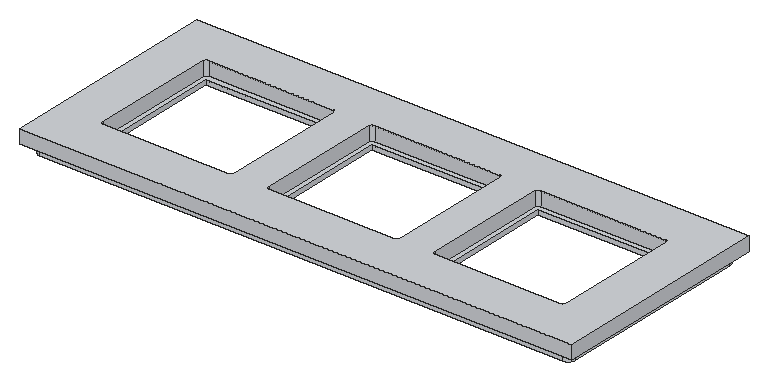
Revit family "Gira_0213122", category Electrical Fixtures, host Face, Revit 2017
Family settings
  Host = Face
  Maintain Annotation Orientation = No
  Round Connector Dimension = Use Diameter
  Part Type = Normal
  Cut with Voids When Loaded = No
  Shared = No
  Room Calculation Point = No
Parameters (values of type "Cov.fr. 3-g Gira Esprit umber gl.")
  With mounting grid = "No"
  With hinged lid = "No"
  URL = "http://katalog.gira.de/en/datenblatt.html?artikelnr=0213122"
  Type of fastening = "Clamp mounting"
  Transparent = "No"
  Surface protection = "Other"
  Suitable for wall duct = "No"
  Suitable for flush-mounted installation = "Yes"
  Suitable for floor box = "No"
  Suitable for built-in installation = "No"
  Number of units vertical = "3"
  Number of units horizontal = "3"
  Number of units = "3"
  Name = "Cov.fr. 3-g Gira Esprit umber gl."
  Mounting direction = "Horizontal and vertical"
  Material quality = "Real glass"
  Material = "Glass"
  Manufacturer URL = "https://www.gira.de/"
  Manufacturer = "Gira"
  Label space/information surface = "No"
  Keynote = ""
  HeinzeBIM = "https://bimportal.heinze.de/bim/cov-fr-3-g-gira-esprit-umber-gl-/0b369018a906a02220fa3a0d667838fba20be737"
  Halogen free = "No"
  HAN = "0213122"
  GTIN = "4010337076353"
  Description = "Cov.fr.3g Espr. GUm,Gira Esprit cover frame,umber glass,3-gang,"
  Degree of protection (IP) = "IP20"
  Default Elevation = 1219.2 mm
  Data sheet (1) = "https://katalog.gira.de/en/download.html?artikelnr=0213122"
  Colour = "Brown"
  Category = "Cover frame for domestic switching devices"
  BIM (1) = "https://media.stage.bim.site/public/gira/36a6b08/Espr._Rahmen_3fach.rfa"
  Available = "No"
Reference planes
  plane 1 "Center (Front/Back)": y = 0
  plane 2: z = 0
  plane 3 "Center (Left/Right)": x = 0
Forms (mm)
  Extrusion 1, solid, detail levels fine
    sketch origin (0, 0, 0) x (1, 0, 0) y (0, 1, 0)
      loop
        line (-118.4, 47.5) -> (-118.4, -47.5) -> (118.4, -47.5) -> (118.4, 47.5) -> (-118.4, 47.5)
      loop
        arc (-99.5, -26.7) -> (-99.061, -27.761) -> (-98, -28.2) r 1.5
        line (-98, -28.2) -> (-44.6, -28.2)
        arc (-44.6, -28.2) -> (-43.539, -27.761) -> (-43.1, -26.7) r 1.5
        line (-43.1, -26.7) -> (-43.1, 26.7)
        arc (-43.1, 26.7) -> (-43.539, 27.761) -> (-44.6, 28.2) r 1.5
        line (-44.6, 28.2) -> (-98, 28.2)
        arc (-98, 28.2) -> (-99.061, 27.761) -> (-99.5, 26.7) r 1.5
        line (-99.5, 26.7) -> (-99.5, -26.7)
      loop
        arc (-28.2, -26.7) -> (-27.761, -27.761) -> (-26.7, -28.2) r 1.5
        line (-26.7, -28.2) -> (26.7, -28.2)
        arc (26.7, -28.2) -> (27.761, -27.761) -> (28.2, -26.7) r 1.5
        line (28.2, -26.7) -> (28.2, 26.7)
        arc (28.2, 26.7) -> (27.761, 27.761) -> (26.7, 28.2) r 1.5
        line (26.7, 28.2) -> (-26.7, 28.2)
        arc (-26.7, 28.2) -> (-27.761, 27.761) -> (-28.2, 26.7) r 1.5
        line (-28.2, 26.7) -> (-28.2, -26.7)
      loop
        arc (43.1, -26.7) -> (43.539, -27.761) -> (44.6, -28.2) r 1.5
        line (44.6, -28.2) -> (98, -28.2)
        arc (98, -28.2) -> (99.061, -27.761) -> (99.5, -26.7) r 1.5
        line (99.5, -26.7) -> (99.5, 26.7)
        arc (99.5, 26.7) -> (99.061, 27.761) -> (98, 28.2) r 1.5
        line (98, 28.2) -> (44.6, 28.2)
        arc (44.6, 28.2) -> (43.539, 27.761) -> (43.1, 26.7) r 1.5
        line (43.1, 26.7) -> (43.1, -26.7)
    from 0 to 6
  Extrusion 2, solid, detail levels fine
    sketch origin (0, 0, 0) x (1, 0, 0) y (0, 1, 0)
      loop
        line (-97.2, -25.7) -> (-45.4, -25.7) -> (-45.4, 25.7) -> (-97.2, 25.7) -> (-97.2, -25.7)
      loop
        line (97.2, 25.7) -> (45.4, 25.7) -> (45.4, -25.7) -> (97.2, -25.7) -> (97.2, 25.7)
      loop
        arc (-114.002, -41.3) -> (-113.474, -42.573) -> (-112.202, -43.1) r 1.8
        line (-112.202, -43.1) -> (112.202, -43.1)
        arc (112.202, -43.1) -> (113.474, -42.573) -> (114.002, -41.3) r 1.8
        line (114.002, -41.3) -> (114.002, 41.3)
        arc (114.002, 41.3) -> (113.474, 42.573) -> (112.202, 43.1) r 1.8
        line (112.202, 43.1) -> (-112.202, 43.1)
        arc (-112.202, 43.1) -> (-113.474, 42.573) -> (-114.002, 41.3) r 1.8
        line (-114.002, 41.3) -> (-114.002, -41.3)
      loop
        line (25.9, 25.7) -> (-25.9, 25.7) -> (-25.9, -25.7) -> (25.9, -25.7) -> (25.9, 25.7)
    from -1.9 to 0
  Extrusion 3, solid, detail levels fine
    sketch origin (0, 0, 0) x (1, 0, 0) y (0, 1, 0)
      loop
        arc (-112.3, 44.4) -> (-114.421, 43.521) -> (-115.3, 41.4) r 3
        line (-115.3, 41.4) -> (-115.3, -41.4)
        arc (-115.3, -41.4) -> (-114.421, -43.521) -> (-112.3, -44.4) r 3
        line (-112.3, -44.4) -> (112.3, -44.4)
        arc (112.3, -44.4) -> (114.421, -43.521) -> (115.3, -41.4) r 3
        line (115.3, -41.4) -> (115.3, 41.4)
        arc (115.3, 41.4) -> (114.421, 43.521) -> (112.3, 44.4) r 3
        line (112.3, 44.4) -> (-112.3, 44.4)
      loop
        arc (-114.1, -41.4) -> (-113.573, -42.673) -> (-112.3, -43.2) r 1.8
        line (-112.3, -43.2) -> (112.3, -43.2)
        arc (112.3, -43.2) -> (113.573, -42.673) -> (114.1, -41.4) r 1.8
        line (114.1, -41.4) -> (114.1, 41.4)
        arc (114.1, 41.4) -> (113.573, 42.673) -> (112.3, 43.2) r 1.8
        line (112.3, 43.2) -> (-112.3, 43.2)
        arc (-112.3, 43.2) -> (-113.573, 42.673) -> (-114.1, 41.4) r 1.8
        line (-114.1, 41.4) -> (-114.1, -41.4)
    from -3.7 to 0
  Extrusion 4, solid, detail levels medium
    sketch origin (0, 0, 0) x (1, 0, 0) y (0, 1, 0)
      loop
        line (-118.4, 47.5) -> (-118.4, -47.5) -> (118.4, -47.5) -> (118.4, 47.5) -> (-118.4, 47.5)
    from 0 to 6
  Extrusion 5, solid, detail levels medium
    sketch origin (0, 0, 0) x (1, 0, 0) y (0, 1, 0)
      loop
        line (-115.3, 44.4) -> (-115.3, -44.4) -> (115.3, -44.4) -> (115.3, 44.4) -> (-115.3, 44.4)
    from -3.7 to 0
  Extrusion 6, solid, detail levels coarse
    sketch origin (0, 0, 0) x (1, 0, 0) y (0, 1, 0)
      loop
        line (-118.4, 47.5) -> (-118.4, -47.5) -> (118.4, -47.5) -> (118.4, 47.5) -> (-118.4, 47.5)
    from -3.7 to 6
Dimensions and locks
  aligned and locked: plane 2 to host face
  aligned and locked: level to host face
